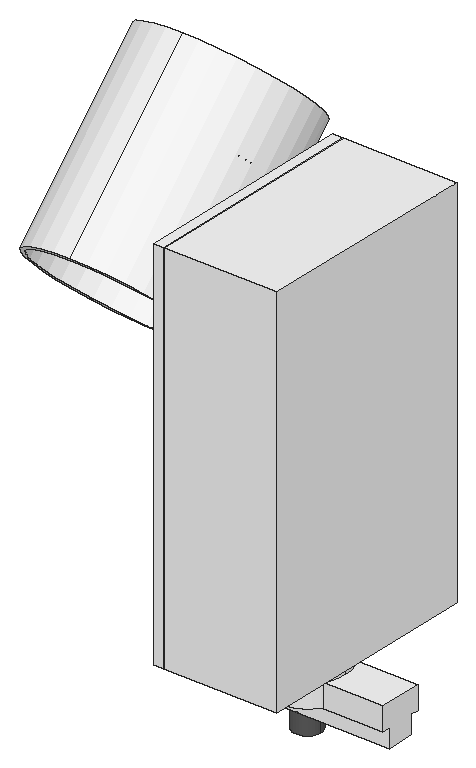
Revit family "Zaniboni-Gala-3_Inch_Adj_Track-1", category Lighting Fixtures, host Face, Revit 2016
Family settings
  Host = Face
  Part Type = Normal
  Round Connector Dimension = Use Diameter
  Cut with Voids When Loaded = No
  Light Source = Yes
  Shared = No
  Room Calculation Point = No
Parameters (values of type "K2-GALA3-0927A-2C-WS")
  Width = 5 1/4"
  Wattage Comments = "7W"
  Wattage = 9.2903 W
  built-in parameter 1150110 = 1 (stored number, unit not read)
  Voltage = 120 V
  URL = "www.zanibonilighting.com"
  Type Comments = "Gala"  # constant formula
  built-in parameter 1114217 = 1 (stored number, unit not read)
  Tilt Angle = 90.00°
  built-in parameter 1150109 = 1 (stored number, unit not read)
  built-in parameter 1150134 = 3
  built-in parameter 1150113 = 1 (stored number, unit not read)
  Support Finish = ZBN - Metal Matte White
  Screen Finish = ZBN - Glass
  Photometric Web File = "generic"
  built-in parameter 1150142 = (empty or 0)
  Model = "K2-GALA3-0927A-2C-WS"
  Mechanism Finish = ZBN - Plastic-Black
  Manufacturer = "Zaniboni"  # constant formula
  built-in parameter 1150105 = 109.82 (stored number, unit not read)
  Lumens = 1380 lm
  built-in parameter 1150115 = 1 (stored number, unit not read)
  built-in parameter 1150137 = (empty or 0)
  built-in parameter 1150139 = (empty or 0)
  built-in parameter 1150112 = 1 (stored number, unit not read)
  built-in parameter 1150114 = 1 (stored number, unit not read)
  Keynote = "12500"
  Kelvin = "2700K"
  built-in parameter 1150132 = (empty or 0)
  built-in parameter 1150102 = (empty or 0)
  built-in parameter 1150107 = 3200 (stored number, unit not read)
  built-in parameter 1150138 = (empty or 0)
  built-in parameter 1150106 = 1.0982 (stored number, unit not read)
  Frame Finish = ZBN - Metal Matte Black
  Emit from Circle Diameter = 3"
  Emit Shape Visible in Rendering = no
  built-in parameter 1150104 = 13.8 (stored number, unit not read)
  Dimming Lamp Color Temperature Shift = <None>
  Description = "3 inch Round Adjustable 20° Surface Mounted"
  Default Elevation = 48"
  Color Filter = 16777215
  CRI = "80"
  Body Finish = ZBN - Metal Matte White
  Beam = "24°"
  built-in parameter 1114218 = 1 (stored number, unit not read)
  built-in parameter 1150133 = 10 (stored number, unit not read)
  Assembly Code = "E1020300"
Reference planes (in)
  plane 1 "Center (Front/Back)": y = 0
  plane 2: z = 0
  plane 3 "Center (Left/Right)": x = 0
  plane 4: through (0, -3.96983, 6.98031) normal (0, -0.7071, -0.7071)
  plane 5: x = -4.18277
  plane 6: x = 1.06723
Forms (in)
  Extrusion 1, solid, material "ZBN - Metal Matte White" <- "Support Finish"
    sketch origin (0, 0, 0) x (0, 1, 0) y (0, 0, 1)
      loop
        line (-0.2375, 0) -> (0.2375, 0) -> (0.2375, 0.328) -> (0.375, 0.328) -> (0.375, 0.725) -> (-0.375, 0.725) -> (-0.375, 0.328) -> (-0.2375, 0.328) -> (-0.2375, 0)
    from -1.63449 to 1.63449
  Revolve 2, solid, material "ZBN - Metal Matte White" <- "Body Finish"
    sketch origin (0, 0, 0) x (1, 0, 0) y (0, 0, 1)
      loop
        line (0, 1.213) -> (0, 0.328) -> (0.67757, 0.328) -> (0.67757, 1.02508) -> (0.58189, 1.1275) -> (0.43431, 1.1275) -> (0.43431, 1.213) -> (0, 1.213)
      axis (0, 1.213) -> (0, 0.328)
    angle from 0 to 360
  Extrusion 3, void
    sketch origin (0, 0, 0) x (0, 1, 0) y (0, 0, 1)
      loop
        line (0.375, 0.225) -> (0.375, 0.725) -> (-0.375, 0.725) -> (-0.375, 0.225) -> (0.375, 0.225)
    from -0.86378 to 0.8182
  Extrusion 4, solid, material "ZBN - Plastic-Black" <- "Mechanism Finish"
    sketch origin (0, 0, 0) x (1, 0, 0) y (0, 1, 0)
      loop
        circle (0, 0) r 0.2375
    from -0.35073 to 0
  Extrusion 5, void
    sketch origin (0, 0, 0) x (1, 0, 0) y (0, 1, 0)
      loop
        circle (0, 0) r 0.30579
    from 0.18723 to -12.93971
  Extrusion 6, solid, material "ZBN - Metal Matte White" <- "Body Finish"
    sketch origin (-2, 0, -0.10938) x (1, 0, 0) y (0, 0, 1)
      loop
        line (3.06723, 7.86482) -> (1.07397, 7.86482) -> (1.07397, 1.23982) -> (3.06723, 1.23982) -> (3.06723, 7.86482)
    from -1.94131 to 1.99967
  Extrusion 7, solid, material "ZBN - Metal Matte White" <- "Body Finish"
    sketch origin (-2, 0, -0.10938) x (1, 0, 0) y (0, 0, 1)
      loop
        line (0.90025, 1.24007) -> (1.07397, 1.24007) -> (1.07397, 7.86482) -> (0.90025, 7.86482) -> (0.90025, 1.24007)
    from -1.94131 to 1.99967
  Extrusion 8, solid, material "ZBN - Metal Matte White" <- "Body Finish"
    sketch origin (-8.88453, -3.78201, 6.79248) x (0, -0.707107, 0.707107) y (-1, 0, 0)
      loop
        circle (-2.7769, -6.20176) r 1.5
      loop
        circle (-2.7769, -6.20176) r 1.42811
    from -4.93249 to -1.4339
  Revolve 9, solid, material "ZBN - Plastic-Black" <- "Mechanism Finish"
    sketch origin (-2.67187, 0, 0) x (0, 1, 0) y (0, 0, 1)
      loop
        line (-0.57426, 6.0752) -> (0.41867, 7.06813) -> (-0.28844, 7.77524) -> (0.56609, 8.62977) -> (0.53462, 8.66123) -> (-0.47767, 7.64894) -> (-0.4462, 7.61748) -> (-1.28136, 6.78231) -> (-0.57426, 6.0752)
      axis (-0.57426, 6.0752) -> (1.2732, 7.92266)
    angle from 0 to 360
  Revolve 10, solid, material "ZBN - Metal Matte Black" <- "Frame Finish"
    sketch origin (-2.67187, 0, 0) x (0, 1, 0) y (0, 0, 1)
      loop
        line (0.55137, 8.45988) -> (0.68651, 9.22633)
        arc (0.68651, 9.22633) -> (0.68416, 9.27944) -> (0.65953, 9.32655) r 0.12247
        line (0.65953, 9.32655) -> (-0.18036, 8.48667) -> (0.1989, 8.10741) -> (0.55137, 8.45988)
      axis (0.82842, 7.47789) -> (1.66831, 8.31777)
    angle from 0 to 360
  Revolve 11, solid, material "ZBN - Metal Matte White" <- "Body Finish"
    sketch origin (-2.67947, 0, 0) x (0, 1, 0) y (0, 0, 1)
      loop
        line (0.41867, 7.06813) -> (0.4809, 7.13036) -> (0.28815, 7.32311)
        arc (0.28815, 7.32311) -> (0.28105, 7.84761) -> (0.51736, 8.31592) r 1.10144
        line (0.51736, 8.31592) -> (0.47469, 8.35859)
        arc (0.47469, 8.35859) -> (0.22002, 7.83367) -> (0.23634, 7.25046) r 1.22804
        line (0.23634, 7.25046) -> (0.41867, 7.06813)
      axis (0.41867, 7.06813) -> (1.09191, 7.74137)
    angle from 0 to 360
  Extrusion 12, solid, material "ZBN - Glass" <- "Screen Finish"
    sketch origin (-8.88453, -3.78201, 6.79248) x (0, -0.707107, 0.707107) y (-1, 0, 0)
      loop
        circle (-2.7769, -6.20176) r 0.87141
    from -4.24318 to -4.11734
Cuts and joins
  Extrusion 3 cuts Revolve 2
Lines and regions (in)
  symbolic lines
    curve 1: circle (0, 0, 0) r 1.13914 normal (0, 0, 1)
  symbolic lines, style "LightingFixturesHiddenLines", detail levels fine
    curve 2: line (1.06723, 1.94131, 0) -> (-1.09975, 1.94131, 0)
    curve 3: line (1.06723, -1.99967, 0) -> (1.06723, 1.94131, 0)
    curve 4: line (-1.09975, -1.99967, 0) -> (1.06723, -1.99967, 0)
    curve 5: line (-1.09975, 1.94131, 0) -> (-1.09975, -1.99967, 0)
    curve 6: spline (-2.68277, 2.73002, 0) -> (-3.071, 2.69387, 0) -> (-3.43277, 2.58791, 0) -> (-3.74343, 2.41936, 0) -> (-3.98181, 2.19969, 0) -> (-4.13166, 1.94387, 0) -> (-4.18277, 1.66936, 0) -> (-4.13166, 1.39484, 0) -> (-3.98181, 1.13902, 0) -> (-3.74343, 0.91936, 0) -> (-3.43277, 0.7508, 0) -> (-3.071, 0.64484, 0) -> (-2.68277, 0.60869, 0)
    curve 7: spline (-2.68277, 0.60869, 0) -> (-2.29454, 0.64484, 0) -> (-1.93277, 0.7508, 0) -> (-1.62211, 0.91936, 0) -> (-1.38373, 1.13902, 0) -> (-1.23388, 1.39484, 0) -> (-1.18277, 1.66936, 0) -> (-1.23388, 1.94387, 0) -> (-1.38373, 2.19969, 0) -> (-1.62211, 2.41936, 0) -> (-1.93277, 2.58791, 0) -> (-2.29454, 2.69387, 0) -> (-2.68277, 2.73002, 0)
    curve 8: spline (-2.68277, -1.86518, 0) -> (-2.87856, -1.85611, 0) -> (-3.071, -1.82904, 0) -> (-3.25679, -1.78444, 0) -> (-3.43277, -1.72308, 0) -> (-3.59591, -1.646, 0) -> (-3.74343, -1.55452, 0) -> (-3.8728, -1.45021, 0) -> (-3.98181, -1.33485, 0) -> (-4.06859, -1.21042, 0) -> (-4.13166, -1.07904, 0) -> (-4.16994, -0.94297, 0) -> (-4.18277, -0.80452, 0)
    curve 9: line (-4.18277, 1.66936, 0) -> (-4.18277, -0.80452, 0)
    curve 10: line (-1.18277, 1.66936, 0) -> (-1.18277, -0.80452, 0)
    curve 11: spline (-1.18277, -0.80452, 0) -> (-1.1956, -0.94297, 0) -> (-1.23388, -1.07904, 0) -> (-1.29695, -1.21042, 0) -> (-1.38373, -1.33485, 0) -> (-1.49274, -1.45021, 0) -> (-1.62211, -1.55452, 0) -> (-1.76963, -1.646, 0) -> (-1.93277, -1.72308, 0) -> (-2.10874, -1.78444, 0) -> (-2.29454, -1.82904, 0) -> (-2.48698, -1.85611, 0) -> (-2.68277, -1.86518, 0)
Dimensions and locks (in)
  "Width": plane 5 to plane 6
  aligned and locked: plane 2 to host face
  aligned and locked: level to host face
  aligned and locked: level to Extrusion 4
  aligned and locked: curve 2 to Extrusion 6
  aligned and locked: curve 3 to Extrusion 6
  aligned and locked: curve 4 to Extrusion 6
  aligned and locked: curve 5 to Extrusion 7
Automatic sketch dimensions
  curve 8 to plane 5 = 0"
  curve 11 to plane 5 = 0"
  plane 1 "Center (Front/Back)" to curve 1 = 0"
  curve 10 to plane 3 "Center (Left/Right)" = 1.18277"
  plane 3 "Center (Left/Right)" to curve 1 = 0"
  plane 1 "Center (Front/Back)" to curve 10 = 0.80452"
  curve 9 to curve 11 = 0"
  curve 7 to plane 5 = 1 1/2"
  curve 11 to curve 8 = 1.06066"
  curve 6 to plane 1 "Center (Front/Back)" = 0.60869"
  curve 7 to curve 7 = 1.06066"
  curve 10 to curve 7 = 0"
  curve 9 to curve 6 = 0"
  host sketch curve to host sketch curve = 96"  (x2)
  Extrusion 1 sketch curve to level = 0"
  plane 1 "Center (Front/Back)" to Extrusion 1 sketch curve = 3/8"
  Extrusion 1 sketch curve to Extrusion 1 sketch curve = 0.1375"  (x2)
  Extrusion 1 sketch curve to plane 1 "Center (Front/Back)" = 0.2375"
  Extrusion 1 sketch curve to Extrusion 1 sketch curve = 0.328"
  level to Extrusion 1 sketch curve = 0.328"
  Extrusion 1 sketch curve to Extrusion 1 sketch curve = 0.397"
  plane 3 "Center (Left/Right)" to Revolve 2 sketch curve = 0"  (x2)
  Revolve 2 sketch curve to Revolve 2 sketch curve = 0.43431"
  Revolve 2 sketch curve to Revolve 2 sketch curve = 0.14758"
  plane 6 to Revolve 2 sketch curve = 0.38966"
  level to Revolve 2 sketch curve = 0.328"
  Revolve 2 sketch curve to Revolve 2 sketch curve = 0.69708"
  Revolve 2 sketch curve to Revolve 2 sketch curve = 0.10242"
  Revolve 2 sketch curve to Revolve 2 sketch curve = 0.0855"
  Revolve 2 sketch curve to Revolve 2 sketch curve = 0.31031"
  Revolve 2 sketch curve to Revolve 2 sketch curve = 0"
  plane 1 "Center (Front/Back)" to Extrusion 3 sketch curve = 3/8"
  Extrusion 3 sketch curve to plane 1 "Center (Front/Back)" = 3/8"
  level to Extrusion 3 sketch curve = 0.225"
  Extrusion 3 sketch curve to Extrusion 3 sketch curve = 1/2"
  plane 1 "Center (Front/Back)" to Extrusion 4 sketch curve = 0"
  plane 3 "Center (Left/Right)" to Extrusion 4 sketch curve = 0"
  plane 1 "Center (Front/Back)" to Extrusion 5 sketch curve = 0"
  plane 3 "Center (Left/Right)" to Extrusion 5 sketch curve = 0"
  plane 6 to Extrusion 6 sketch curve = 0"
  Extrusion 6 sketch curve to plane 3 "Center (Left/Right)" = 0.92603"
  level to Extrusion 6 sketch curve = 1.13044"
  Extrusion 6 sketch curve to Extrusion 6 sketch curve = 6 5/8"
  Extrusion 7 sketch curve to plane 3 "Center (Left/Right)" = 1.09975"
  Extrusion 7 sketch curve to Extrusion 7 sketch curve = 0.17372"
  level to Extrusion 7 sketch curve = 1.13069"
  Extrusion 7 sketch curve to Extrusion 7 sketch curve = 6.62475"
  Extrusion 8 sketch curve to Extrusion 8 sketch curve = 0"  (x2)
  Extrusion 8 sketch curve to plane 5 = 1 1/2"
  plane 1 "Center (Front/Back)" to Revolve 9 sketch curve = 1.28136"
  plane 1 "Center (Front/Back)" to Revolve 9 sketch curve = 0.57426"
  plane 1 "Center (Front/Back)" to Revolve 9 sketch curve = 0.47767"
  Revolve 9 sketch curve to Revolve 9 sketch curve = 0.03147"
  Revolve 9 sketch curve to Revolve 9 sketch curve = 0.15776"
  Revolve 9 sketch curve to plane 1 "Center (Front/Back)" = 0.41867"
  Revolve 9 sketch curve to plane 1 "Center (Front/Back)" = 0.53462"
  level to Revolve 9 sketch curve = 6.0752"
  Revolve 9 sketch curve to Revolve 9 sketch curve = 0.70711"
  Revolve 9 sketch curve to Revolve 9 sketch curve = 0"  (x4)
  plane 1 "Center (Front/Back)" to Revolve 10 sketch curve = 0.18036"
  Revolve 10 sketch curve to plane 1 "Center (Front/Back)" = 0.1989"
  Revolve 10 sketch curve to Revolve 10 sketch curve = 0.35247"  (x2)
  Revolve 10 sketch curve to plane 1 "Center (Front/Back)" = 0.56591"
  Revolve 10 sketch curve to Revolve 10 sketch curve = 0.09362"
  Revolve 10 sketch curve to Revolve 10 sketch curve = 0.02699"
  level to Revolve 10 sketch curve = 8.10741"
  Revolve 10 sketch curve to Revolve 10 sketch curve = 0.10022"
  Revolve 10 sketch curve to plane 1 "Center (Front/Back)" = 0.41867"
  Revolve 10 sketch curve to Revolve 10 sketch curve = 1.32315"
  Revolve 10 sketch curve to Revolve 10 sketch curve = 1.03928"
  Revolve 10 sketch curve to Revolve 10 sketch curve = 0.56721"
  Revolve 11 sketch curve to plane 1 "Center (Front/Back)" = 0.23634"
  Revolve 11 sketch curve to Revolve 11 sketch curve = 0.05181"
  Revolve 11 sketch curve to Revolve 11 sketch curve = 0.18233"
  Revolve 11 sketch curve to plane 1 "Center (Front/Back)" = 0.47469"
  Revolve 11 sketch curve to Revolve 11 sketch curve = 0.06223"  (x2)
  Revolve 11 sketch curve to Revolve 11 sketch curve = 0.04267"
  Revolve 11 sketch curve to Revolve 11 sketch curve = 0.87337"
  Revolve 11 sketch curve to Revolve 11 sketch curve = 0.06634"
  level to Revolve 11 sketch curve = 7.06813"
  Revolve 11 sketch curve to Revolve 11 sketch curve = 0.44507"
  Revolve 11 sketch curve to Revolve 11 sketch curve = 0.0244"
  Revolve 11 sketch curve to Revolve 11 sketch curve = 0"  (x2)
  Revolve 11 sketch curve to Revolve 11 sketch curve = 0.02232"
  Revolve 11 sketch curve to Revolve 11 sketch curve = 0.42621"
  Extrusion 12 sketch curve to plane 5 = 1 1/2"
  radius of curve 1 = 1.13914"
  radius of Extrusion 4 sketch curve = 0.2375"
  radius of Extrusion 5 sketch curve = 0.30579"
  radius of Extrusion 8 sketch curve = 1 1/2"
  radius of Extrusion 8 sketch curve = 1.42811"
  radius of Extrusion 12 sketch curve = 0.87141"
Connectors (in)
  electrical at (0, 0, -0.35073), driven by "Voltage"
    settings: on Extrusion 4, index 1, voltage 120 V, apparent load 0 VA, apparent load phase1 0 VA, apparent load phase2 0 VA, apparent load phase3 0 VA, power factor 1, load classification "Other", number of poles 1, system type 31, power factor state 1, is connector primary yes, connector utility no, sub classification motor no, connector description ""
